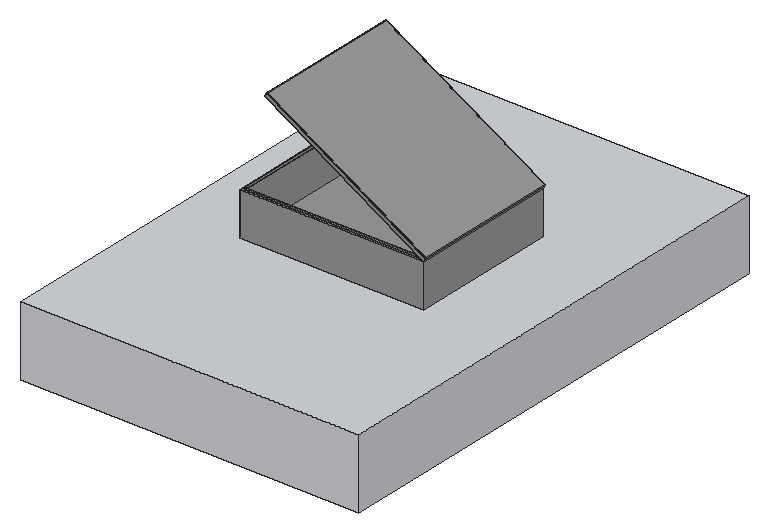
Revit family "Hager-Univers-IP44-D205-H650-Cl.II-Encl-SE-en", category Equipement électrique, Revit 2020
Family settings
  Hôte = Face
  Configuration du panneau = Deux colonnes, circuits au sein
  Cote de connecteur circulaire = Utiliser le diamètre
  Type d'élément = Tableau de raccordement
  Couper avec des vides une fois chargée = Non
  Partagée = Non
  Point de calcul de pièce = Non
Parameters (values of type "Surface mounted (plaster) IP44 W800 H650 D205  - FP43SN2")
  Width Control [instance] = if([EF000008 - Width] > Min Width, [EF000008 - Width], Min Width)  # 800 mm
  Commentaires du type = [HG000003 - Range]  # "Univers"
  Thickness Door [instance] = if([EF009171 - Material plate thickness door/cover] > 3 mm, 3 mm, [EF009171 - Material plate thickness door/cover])  # 1 mm
  Seal Frame Offset [instance] = 17 mm  # constant formula
  Plinth Visibility [instance] = [HG000027 - Plinth height] > 0 mm  # no
  Model = ""
  Min Width [instance] = 100 mm  # constant formula
  Min Height [instance] = 100 mm  # constant formula
  Min Depth [instance] = (2 * [EF009170 - Material plate thickness cabinet]) + 1 mm  # 3 mm
  Internal Frame Depth [instance] = (Door System Depth * 0.5)  # 9 mm
  Height Control [instance] = if([EF000040 - Height] > Min Height, [EF000040 - Height], Min Height)  # 650 mm
  HG000027 - Plinth height = 0 mm
  HG000026 - Floor standing = no
  HG000024 - Bottom section height = 800 mm
  HG000023 - Double section enclosure = no
  HG000016 - Door 3d visibility [instance] = yes
  HG000015 - Clearance visibility [instance] = no
  HG000014 - Door on the right [instance] = yes
  HG000013 - Door on the left [instance] = not([HG000014 - Door on the right])  # no
  HG000012 - Door swing angle [instance] = 30.00°
  HG000010 - Asymmetric doors = no
  HG000009 - Double swing door = no
  HG000006 - Flush mounted = no
  HG000004 - Manufacturer reference = "FP43SN2"
  HG000003 - Range = "Univers"
  HG000002 - With door or cover = yes
  Frame Offset Bottom [instance] = 10 mm  # constant formula
  Frame Offset [instance] = 15 mm  # constant formula
  EF015940 - Cover with overpressure release = no
  EF011959 - Degree of protection (NEMA) = ""
  EF009554 - Number of openings for flange plates = 6
  EF009212 - Cover model = "EV000116 - Closed"
  EF009171 - Material plate thickness door/cover = 1 mm
  EF009170 - Material plate thickness cabinet = 1 mm
  Fabricant = "Hager"  # constant formula
  EF008873 - Nominal current (In) = 250 A
  EF007800 - Suitable for lightning protection = no
  EF006306 - With lock = no
  EF006244 - Transparent cover/door = no
  EF005474 - Degree of protection (IP) = "EV006418 - IP44"
  EF004464 - Type of door = "EV002646 - Single"
  EF004427 - Number of modules = 144
  EF004293 - Impact strength = "EV006815 - IK09"
  EF003532 - Suitable for outdoor use = no
  EF002950 - Width in number of modular spacings = 36
  EF001613 - Circuit integrity = "EV000494 - None"
  EF001596 - Material housing = "EV000179 - Steel"
  EF001131 - Internal depth = 143 mm
  EF001088 - Extension possible = yes
  EF000437 - Number of conduit inlets = 6
  EF000339 - Type of cover = "EV001012 - Cover"
  EF000266 - Number of rows = 4
  EF000218 - Built-in depth = 205 mm
  EF000118 - With mounting plate = no
  EF000116 - RAL-number = "9010"
  EF000049 - Depth = 205 mm
  EF000040 - Height = 650 mm
  EF000008 - Width = 800 mm
  EF000007 - Colour = "EV000202 - White"
  EF000003 - Mounting method = "EV000384 - Surface mounted (plaster)"
  Door System Leaf Tolerance [instance] = 1.5 mm  # constant formula
  Door System Depth [instance] = 18 mm  # constant formula
  Door Height [instance] = Height Control - [HG000027 - Plinth height]  # 650 mm
  Depth Control [instance] = if([EF000049 - Depth] > Min Depth, [EF000049 - Depth], Min Depth)  # 205 mm
  Default Elevation = 0 mm
  Connector Offset [instance] = Height Control / 2  # 325 mm
  Bottom Top Plate Trim [instance] = 1.5 mm  # constant formula
  Plinth height Ctrl [instance] = if([HG000027 - Plinth height] > 0 mm, [HG000027 - Plinth height], 12 mm)  # 12 mm
Types (5, lengths in mm): name | Width Control | HG000010 - Asymmetric doors | HG000009 - Double swing door | HG000004 - Manufacturer reference | EF009554 - Number of openings for flange plates | EF004464 - Type of door | EF004427 - Number of modules | EF002950 - Width in number of modular spacings | EF000437 - Number of conduit inlets | EF000008 - Width
  Surface mounted (plaster) IP44 W1050 H650 D205  - FP44SN2 | 1050 | no | yes | "FP44SN2" | 8 | "EV003602 - Double" | 192 | 48 | 8 | 1050
  Surface mounted (plaster) IP44 W1300 H650 D205  - FP45SN2 | 1300 | yes | yes | "FP45SN2" | 10 | "EV003602 - Double" | 240 | 60 | 10 | 1300
  Surface mounted (plaster) IP44 W300 H650 D205  - FP41SN2 | 300 | no | no | "FP41SN2" | 2 | "EV002646 - Single" | 48 | 12 | 2 | 300
  Surface mounted (plaster) IP44 W550 H650 D205  - FP42SN2 | 550 | no | no | "FP42SN2" | 4 | "EV002646 - Single" | 96 | 24 | 4 | 550
  Surface mounted (plaster) IP44 W800 H650 D205  - FP43SN2 | 800 | no | no | "FP43SN2" | 6 | "EV002646 - Single" | 144 | 36 | 6 | 800
Reference planes
  plane 1 "Center (Front/Back)": y = 0
  plane 2: z = 0
  plane 3 "Center (Left/Right)": x = 0
  plane 4: z = 205
  plane 5: y = 1
  plane 6: y = 325
  plane 7: y = 0
  plane 8: y = 650
  plane 9: z = 0
  plane 10: x = -385
  plane 11: x = 385
  plane 12: x = 384
  plane 13: x = -384
  plane 14: y = 649
  plane 15: x = -383
  plane 16: x = -400
  plane 17: x = 383
  plane 18: x = 400
  plane 19: x = 399
  plane 20: x = -399
  plane 21: y = 11
  plane 22: y = 650
  plane 23: y = 634
  plane 24: z = 187
  plane 25: z = 1
  plane 26: z = 186
  plane 27: z = 204
Forms (mm)
  Extrusion 1, solid
    sketch origin (0, 0, 0) x (1, 0, 0) y (0, 1, 0)
      loop
        line (-702.964, 1305) -> (-702.964, -811.445) -> (766.763, -811.445) -> (766.763, 1305) -> (-702.964, 1305)
    from 0 to -304.8
  Extrusion 2, solid, material "Hager_Steel_RAL7035_Light_Grey", visible <- "Plinth Visibility", detail levels medium+fine
    sketch origin (0, 0, 0) x (1, 0, 0) y (0, 1, 0)
      loop
        line (-400, 0) -> (400, 0) -> (400, 12) -> (-400, 12) -> (-400, 0)
    from 0 to 187
  Extrusion 3, solid, material "Hager_Steel_RAL7035_Light_Grey", detail levels medium+fine
    sketch origin (0, 0, 0) x (1, 0, 0) y (0, 1, 0)
      loop
        line (-400, 0) -> (400, 0) -> (400, 650) -> (-400, 650) -> (-400, 0)
    from 0 to 187
  Extrusion 4, void
    sketch origin (0, 0, 0) x (1, 0, 0) y (0, 1, 0)
      loop
        line (-399, 1) -> (399, 1) -> (399, 649) -> (-399, 649) -> (-399, 1)
    from 1 to 186
  Extrusion 5, void
    sketch origin (-381.607, -4572, 187) x (0, -1, 0) y (-1, 0, 0)
      loop
        line (-4583, 2.393) -> (-5206, 2.393) -> (-5206, -765.607) -> (-4583, -765.607) -> (-4583, 2.393)
    from 0 to 1 <- "EF009170 - Material plate thickness cabinet"
  Extrusion 6, solid, material "Hager_Steel_RAL7035_Light_Grey", detail levels fine
    sketch origin (0, 0, 187) x (1, 0, 0) y (0, 1, 0)
      loop
        line (-384, 634) -> (-384, 11) -> (384, 11) -> (384, 634) -> (-384, 634)
      loop
        line (-385, 10) -> (385, 10) -> (385, 635) -> (-385, 635) -> (-385, 10)
    from 0 to 9 <- "Internal Frame Depth"
  Extrusion 7, solid, material "Hager_Steel_RAL7035_Light_Grey", detail levels coarse
    sketch origin (0, 0, 0) x (1, 0, 0) y (0, 1, 0)
      loop
        line (-400, 0) -> (400, 0) -> (400, 650) -> (-400, 650) -> (-400, 0)
    from 0 to 205
  Sweep 8, void
    path in 3D
      loop
        line (-400, 12, 0) -> (400, 12, 0) -> (400, 12, 187) -> (-400, 12, 187) -> (-400, 12, 0)
    profile origin (-400, 12, 93.5) x (-1, 0, 0) y (0, -1, 0)
      loop
        line (0, 0) -> (0, 1.5) -> (-1.5, 1.5)
        arc (-1.5, 1.5) -> (-1.061, 0.439) -> (0, 0) r 1.5
Cuts and joins
  Extrusion 4, Extrusion 5 cuts Extrusion 3
  Sweep 8 cuts Extrusion 2
Lines and regions (mm)
  Masking region 1
    outline origin (0, 0, 0) x (1, 0, 0) y (0, 0, 1)
      loop
        line (-400, 205) -> (-400, 0) -> (400, 0) -> (400, 205) -> (-400, 205)
  Masking region 2, detail levels medium+fine
    outline origin (0, 140, 0) x (0, 1, 0) y (0, 0, 1)
      loop
        line (-140, 0) -> (510, 0) -> (510, 187) -> (-140, 187) -> (-140, 0)
  Masking region 3, not visible, detail levels medium+fine
    outline origin (0, 297.922, 0) x (0, 1, 0) y (0, 0, 1)
      loop
        line (38.578, 0) -> (78.578, 0) -> (78.578, 194)
        arc (78.578, 194) -> (75.649, 201.071) -> (68.578, 204) r 10
        line (68.578, 204) -> (38.578, 204) -> (38.578, 0)
  Masking region 4, detail levels coarse
    outline origin (0, 0, 180) x (0, 1, 0) y (0, 0, 1)
      loop
        line (0, -180) -> (650, -180) -> (650, 25) -> (0, 25) -> (0, -180)
  Masking region 5, visible <- "Plinth Visibility", detail levels medium+fine
    outline origin (0, 52.24, 12.345) x (0, 0, -1) y (0, 1, 0)
      loop
        line (10.845, -40.24) -> (-173.155, -40.24)
        arc (-173.155, -40.24) -> (-173.594, -41.301) -> (-174.655, -41.74) r 1.5
        line (-174.655, -41.74) -> (-174.655, -52.24) -> (12.345, -52.24) -> (12.345, -41.74)
        arc (12.345, -41.74) -> (11.285, -41.301) -> (10.845, -40.24) r 1.5
  Masking region 6, detail levels medium+fine
    outline origin (-381.607, -4572, 187) x (-1, 0, 0) y (0, -1, 0)
      loop
        line (18.393, -5222) -> (18.393, -4572) -> (-781.607, -4572) -> (-781.607, -5222) -> (18.393, -5222)
  Masking region 7, visible <- "Plinth Visibility", detail levels medium+fine
    outline origin (-381.607, -4727, 187) x (-1, 0, 0) y (0, -1, 0)
      loop
        arc (16.893, -4739) -> (17.332, -4737.939) -> (18.393, -4737.5) r 1.5
        line (18.393, -4737.5) -> (18.393, -4727) -> (-781.607, -4727) -> (-781.607, -4737.5)
        arc (-781.607, -4737.5) -> (-780.546, -4737.939) -> (-780.107, -4739) r 1.5
        line (-780.107, -4739) -> (16.893, -4739)
  Masking region 8, detail levels coarse
    outline origin (-442.548, -4669.526, 187) x (-1, 0, 0) y (0, -1, 0)
      loop
        line (-42.548, -5319.526) -> (-42.548, -4669.526) -> (-842.548, -4669.526) -> (-842.548, -5319.526) -> (-42.548, -5319.526)
  sketch lines
    curve 1: line (-400, 12, 187) -> (-400, 12, 0)
    curve 2: line (400, 12, 187) -> (-400, 12, 187)
    curve 3: line (400, 12, 187) -> (400, 12, 0)
    curve 4: line (-400, 12, 0) -> (400, 12, 0)
Dimensions and locks
  "Depth Control": plane 4 to Extrusion 1
  "HG000027 - Plinth height": plane 1 "Center (Front/Back)" to plane 7
  "EF009170 - Material plate thickness cabinet": plane 5 to plane 7
  locked: connector elem to plane 3 "Center (Left/Right)"
  equal spacing: plane 8, plane 6, plane 7
  locked: connector elem to plane 6
  "EF009170 - Material plate thickness cabinet": plane 8 to plane 14
  "EF009170 - Material plate thickness cabinet": plane 10 to plane 13
  "EF009170 - Material plate thickness cabinet": plane 12 to plane 11
  "Frame Offset": plane 20 to plane 13
  "Frame Offset": plane 12 to plane 19
  "EF009170 - Material plate thickness cabinet": plane 16 to plane 20
  "EF009170 - Material plate thickness cabinet": plane 19 to plane 18
  "Seal Frame Offset": plane 16 to plane 15
  "Seal Frame Offset": plane 17 to plane 18
  "Frame Offset Bottom": plane 21 to plane 5
  "Frame Offset": plane 14 to plane 23
  equal spacing: plane 16, plane 3 "Center (Left/Right)", plane 18
  "Width Control": plane 16 to plane 18
  "EF009170 - Material plate thickness cabinet": plane 4 to plane 27
  "EF009170 - Material plate thickness cabinet": plane 24 to plane 26
  "EF009170 - Material plate thickness cabinet": plane 25 to level
  "Door System Depth": plane 4 to plane 24
  "Height Control": plane 1 "Center (Front/Back)" to Extrusion 7 sketch curve
  "Height Control": Masking region 4 sketch curve to plane 1 "Center (Front/Back)"
  "Height Control": plane 1 "Center (Front/Back)" to plane 22
  "Bottom Top Plate Trim": profile plane to Sweep 8 sketch curve
  "Bottom Top Plate Trim": Sweep 8 sketch curve to profile plane
  "Plinth height Ctrl": plane 1 "Center (Front/Back)" to Extrusion 2 sketch curve
  "Plinth height Ctrl": Masking region 5 sketch curve to plane 1 "Center (Front/Back)"
  "Plinth height Ctrl": plane 1 "Center (Front/Back)" to Masking region 7 sketch curve
  "Thickness Door": Extrusion 6 sketch curve to Extrusion 6 sketch curve  (x3)
  "Thickness Door": cut or joined group of Extrusion 3, Extrusion 4, Extrusion 5 to Extrusion 6 sketch curve
  radius of Masking region 3 sketch curve = 10 mm
  "Bottom Top Plate Trim": radius of Masking region 5 sketch curve  (x2)
  "Bottom Top Plate Trim": radius of Sweep 8 sketch curve
  "Bottom Top Plate Trim": radius of Masking region 7 sketch curve  (x2)
  aligned and locked: plane 2 to Extrusion 1
  aligned and locked: level to Extrusion 1
  aligned and locked: level to Masking region 1 sketch curve
  aligned and locked: Masking region 1 sketch curve to plane 18
  aligned and locked: Masking region 1 sketch curve to plane 16
  aligned and locked: plane 7 to Masking region 2 sketch curve
  aligned and locked: level to Masking region 3 sketch curve
  aligned and locked: Masking region 3 sketch curve to plane 27
  aligned and locked: level to Masking region 2 sketch curve
  aligned and locked: plane 1 "Center (Front/Back)" to Extrusion 2 sketch curve
  aligned and locked: Extrusion 3 sketch curve to plane 7
  aligned and locked: plane 16 to Extrusion 3 sketch curve
  aligned and locked: plane 18 to Extrusion 3 sketch curve
  aligned and locked: plane 20 to Extrusion 4 sketch curve
  aligned and locked: plane 19 to Extrusion 4 sketch curve
  aligned and locked: Extrusion 4 sketch curve to plane 5
  aligned and locked: Extrusion 4 to plane 25
  aligned and locked: plane 26 to Extrusion 4
  aligned and locked: plane 24 to Extrusion 3
  aligned and locked: Extrusion 5 sketch curve to plane 21
  aligned and locked: Extrusion 5 sketch curve to plane 13
  aligned and locked: Extrusion 5 sketch curve to plane 12
  aligned and locked: plane 18 to Extrusion 7 sketch curve
  aligned and locked: plane 1 "Center (Front/Back)" to Extrusion 7 sketch curve
  aligned and locked: plane 16 to Extrusion 7 sketch curve
  aligned and locked: plane 4 to Extrusion 7
  aligned and locked: Extrusion 7 to level
  aligned and locked: level to Masking region 4 sketch curve
  aligned and locked: Masking region 4 sketch curve to plane 1 "Center (Front/Back)"
  aligned and locked: Masking region 4 sketch curve to plane 4
  aligned and locked: nested 1 to level
  aligned and locked: nested 1 to plane 16
  aligned and locked: plane 8 to Extrusion 3 sketch curve
  aligned and locked: plane 23 to Extrusion 5 sketch curve
  aligned and locked: plane 14 to Extrusion 4 sketch curve
  aligned and locked: Masking region 2 sketch curve to plane 8
  aligned and locked: level to Masking region 5 sketch curve
  aligned and locked: plane 16 to Extrusion 2 sketch curve
  aligned and locked: plane 18 to Extrusion 2 sketch curve
  aligned and locked: Masking region 5 sketch curve to plane 24
  aligned and locked: Masking region 2 sketch curve to plane 24
  aligned and locked: plane 24 to Extrusion 2
  aligned and locked: profile plane to Sweep 8 sketch curve  (x2)
  aligned and locked: Masking region 6 sketch curve to plane 18
  aligned and locked: Masking region 6 sketch curve to plane 22
  aligned and locked: Masking region 6 sketch curve to plane 16
  aligned and locked: plane 8 to plane 22
  aligned and locked: Masking region 6 sketch curve to plane 7
  aligned and locked: Masking region 7 sketch curve to plane 16
  aligned and locked: Masking region 7 sketch curve to plane 1 "Center (Front/Back)"
  aligned and locked: Masking region 7 sketch curve to plane 18
  aligned and locked: Masking region 8 sketch curve to plane 1 "Center (Front/Back)"
  aligned and locked: Masking region 8 sketch curve to plane 18
  aligned and locked: Masking region 8 sketch curve to plane 22
  aligned and locked: Masking region 8 sketch curve to plane 16
  aligned and locked: nested 2 to plane 7
  aligned and locked: plane 3 "Center (Left/Right)" to nested 2
  aligned and locked: nested 2 to plane 24
  aligned and locked: Extrusion 6 sketch curve to cut or joined group of Extrusion 3, Extrusion 4, Extrusion 5  (x4)
Automatic sketch dimensions
  Extrusion 1 sketch curve to Extrusion 1 sketch curve = 1469.727 mm
  Extrusion 1 sketch curve to Extrusion 1 sketch curve = 2116.445 mm
  Masking region 1 sketch curve to plane 4 = 0 mm
  plane 6 to Masking region 3 sketch curve = 11.5 mm
  Masking region 3 sketch curve to Masking region 3 sketch curve = 30 mm
  Masking region 5 sketch curve to plane 1 "Center (Front/Back)" = 0 mm
Nested families
  nested 1: "Hager_Enclosure_Symbol" at (-400, 0, 0) x (1, 0, 0) z (0, -1, 0), Height <- "Depth Control", Width <- "Width Control", type "Hager_Enclosure_Symbol"
    with Width_Ctrl 800 mm, Width 800 mm, Height_Ctrl 205 mm, Height 205 mm, A_Width_Int 13.453 mm, A_Width 161.438 mm, A_Height_Ctrl 179.375 mm, A_Height 179.375 mm
  nested 2: "EC000058_Univers_Door" at (0, 0, 187) x (1, 0, 0) z (0, 1, 0), Leaf_Tolerance <- "Door System Leaf Tolerance", Angle <- "HG000012 - Door swing angle", Door_Depth <- "Door System Depth", Door_Left <- "HG000013 - Door on the left", Transparent <- "EF006244 - Transparent cover/door", Assymetrical <- "HG000010 - Asymmetric doors", Width <- "Width Control", Clearance <- "HG000015 - Clearance visibility", Double <- "HG000009 - Double swing door", 3d_Door <- "HG000016 - Door 3d visibility", Lock_Visibility <- "EF006306 - With lock", Width_Ctrl <- "Width Control", Door_Right <- "HG000014 - Door on the right", Door <- "HG000002 - With door or cover", Height <- "Door Height", Thickness <- "Thickness Door", type "EC000058_Univers_Door", detail levels medium+fine
    with min_wh 3 mm, Width_Ctrl 800 mm, Width 800 mm, Transparent no, Thickness 1 mm, Seal_Material Hager_Rubber, Lock_Visibility no, Lock_Material Hager_Plastic_RAL9005_Jet_Black, Leaf_Width 800 mm, Leaf_Tolerance_External_Sides 0 mm, Leaf_Tolerance 1.5 mm, Leaf_Offset 0 mm, Leaf_Height 647 mm, Leaf_2_Width 800 mm, Leaf_2_Offset 400 mm, Leaf_1_Width 800 mm, Leaf_1_Offset 400 mm, Height_Ctrl 650 mm, Height 650 mm, Glass_Material Hager_Glass, Double_Clearance_Ctrl no, Double no, Door_Right_Ctrl yes, Door_Right yes, Door_Material Hager_Steel_RAL7035_Light_Grey, Door_Left_Ctrl no, Door_Left no, Door_Depth 18 mm, Door yes, Clearance_Material Hager_Clearance, Clearance_Depth 800 mm, Clearance_Ctrl no, Clearance no, Assymetrical no, Angle 30.00°, 3d_Door yes
Connectors
  electrical at (0, 325, 0)
    settings: on plane 9, index 1, voltage 0 V, apparent load 0 VA, apparent load phase1 0 VA, apparent load phase2 0 VA, apparent load phase3 0 VA, power factor 1, load classification "Other", number of poles 1, system type 30, power factor state 1, is connector primary yes, connector utility no, sub classification motor no, connector description ""
Definition of nested family "EC000058_Univers_Door"
  Parameters (values of type "EC000058_Univers_Door")
    min_wh [instance] = (2 * Thickness) + 1 mm  # 11 mm
    Width_Ctrl [instance] = 400 mm
    Width [instance] = 500 mm
    Transparent [instance] = yes
    Thickness [instance] = 5 mm
    Seal_Material [instance] = none
    Lock_Visibility [instance] = yes
    Lock_Material [instance] = none
    Leaf_Width [instance] = if((Width_Ctrl - 2 * Leaf_Tolerance_External_Sides) > 0 mm, (Width_Ctrl - 2 * Leaf_Tolerance_External_Sides), min_wh)  # 400 mm
    Leaf_Tolerance_External_Sides [instance] = 0 mm  # constant formula
    Leaf_Tolerance [instance] = 1.5 mm
    Leaf_Offset [instance] = 0 mm  # constant formula
    Leaf_Height [instance] = if((Height_Ctrl - 2 * Leaf_Tolerance) > 0 mm, (Height_Ctrl - 2 * Leaf_Tolerance), min_wh)  # 497 mm
    Leaf_2_Width [instance] = if(and(and(Double, Assymetrical), Door_Left), (Leaf_Width / 3) - (Leaf_Tolerance / 2), if(and(and(Double, Assymetrical), Door_Right), (Leaf_Width / 3) * 2 - (Leaf_Tolerance / 2), if(and(Double, not(Assymetrical)), (Leaf_Width / 2) - Leaf_Tolerance, Leaf_Width)))  # 400 mm
    Leaf_2_Offset [instance] = if(and(Double, Assymetrical), Leaf_2_Width / 2, if(and(Double, not(Assymetrical)), Leaf_Width / 4, Leaf_Width / 2))  # 200 mm
    Leaf_1_Width [instance] = if(and(and(Double, Assymetrical), Door_Right), (Leaf_Width / 3) - (Leaf_Tolerance / 2), if(and(and(Double, Assymetrical), Door_Left), (Width / 3) * 2 - (Leaf_Tolerance / 2), if(and(Double, not(Assymetrical)), (Leaf_Width / 2) - Leaf_Tolerance, Leaf_Width)))  # 400 mm
    Leaf_1_Offset [instance] = if(and(Double, Assymetrical), Leaf_1_Width / 2, if(and(Double, not(Assymetrical)), Leaf_Width / 4, Leaf_Width / 2))  # 200 mm
    Height_Ctrl [instance] = if(Height > min_wh, Height, min_wh)  # 500 mm
    Height [instance] = 500 mm
    Glass_Material [instance] = none
    Double_Clearance_Ctrl [instance] = and(Double, Clearance)  # no
    Double [instance] = no
    Door_Right_Ctrl [instance] = and(or(Door_Right, Double), Door)  # yes
    Door_Right [instance] = yes
    Door_Material [instance] = none
    Door_Left_Ctrl [instance] = and(or(Door_Left, Double), Door)  # no
    Door_Left [instance] = no
    Door_Depth [instance] = 30 mm
    Door [instance] = yes
    Default Elevation = 1219.2 mm
    Clearance_Material [instance] = none
    Clearance_Depth [instance] = if(Leaf_1_Width > Leaf_2_Width, Leaf_1_Width, Leaf_2_Width)  # 400 mm
    Clearance_Ctrl [instance] = and(not(Double), Clearance)  # yes
    Clearance [instance] = yes
    Assymetrical [instance] = yes
    Angle [instance] = 30.00°
    3d_Door [instance] = yes
  Reference planes
    plane 1 "Center (Front/Back)": y = 0
    plane 2 "Bottom": z = 0
    plane 3 "Center (Left/Right)": x = 0
    plane 4: z = 500
    plane 5: x = -200
    plane 6: x = 200
    plane 7: z = 500
    plane 8: x = -200
    plane 9: z = 0
    plane 10: x = 200
    plane 11: y = 0
    plane 12: z = 1.5
    plane 13: x = -600
    plane 14: y = -400
    plane 15: x = 600
    plane 16: x = 0
    plane 17: x = 0
    plane 18: x = -200
    plane 19: x = 200
    plane 20: z = 498.5
  Forms (mm)
    Extrusion 1, solid, material <- "Clearance_Material", visible <- "Double_Clearance_Ctrl"
      sketch origin (1200, 0, 0) x (1, 0, 0) y (0, 0, -1)
        loop
          line (-1800, -498.5) -> (-600, -498.5) -> (-600, 0) -> (-1800, 0) -> (-1800, -498.5)
      from 0 to -400
  Dimensions and locks
    equal spacing: plane 5, plane 3 "Center (Left/Right)", plane 6
    "Width_Ctrl": plane 5 to plane 6
    "Leaf_Offset": plane 5 to plane 8
    "Leaf_Offset": plane 6 to plane 10
    "Leaf_Offset": plane 9 to level
    "Leaf_Offset": plane 4 to plane 7
    "Height_Ctrl": plane 4 to level
    "Leaf_Tolerance": plane 12 to plane 9
    locked: plane 11 to plane 1 "Center (Front/Back)"
    "Leaf_1_Offset": plane 18 to plane 16
    "Leaf_2_Offset": plane 17 to plane 19
    "Leaf_1_Width": plane 13 to plane 8
    "Leaf_2_Width": plane 10 to plane 15
    "Clearance_Depth": plane 14 to plane 1 "Center (Front/Back)"
    "Leaf_Tolerance_External_Sides": plane 8 to plane 18
    "Leaf_Tolerance_External_Sides": plane 19 to plane 10
    "Leaf_Tolerance": plane 7 to plane 20
    aligned and locked: level to plane 2 "Bottom"
    aligned and locked: nested 1 to plane 16
    aligned and locked: nested 2 to plane 17
    aligned and locked: Extrusion 1 to plane 13
    aligned and locked: plane 15 to Extrusion 1
    aligned and locked: Extrusion 1 to plane 14
    aligned and locked: plane 12 to nested 1
    aligned and locked: nested 2 to plane 12
    aligned and locked: Extrusion 1 to plane 11
    aligned and locked: plane 20 to Extrusion 1
    aligned and locked: nested 2 to plane 11
    aligned and locked: nested 1 to plane 11
  Automatic sketch dimensions
    Extrusion 1 sketch curve to level = 0 mm
    plane 5 to Extrusion 1 sketch curve = 400 mm
    plane 6 to Extrusion 1 sketch curve = 400 mm
    Extrusion 1 sketch curve to plane 4 = 1.5 mm
  Nested families
    nested 1: "EC000058_Univers_Door_Leaf" at (0, 0, 1.5), Width <- "Leaf_1_Width", visible <- "Door_Left_Ctrl", Leaf_Height <- "Leaf_Height", Angle <- "Angle", 3d_Door <- "3d_Door", Transparent <- "Transparent", Clearance Material <- "Clearance_Material", Clearance <- "Clearance_Ctrl", Door_Material <- "Door_Material", Glass_Material <- "Glass_Material", Door_Depth <- "Door_Depth", Lock_Material <- "Lock_Material", Seal_Material <- "Seal_Material", Lock_Visibility <- "Lock_Visibility", Thickness <- "Thickness", type "EC000058_Univers_Door_Leaf"
      with Width 400 mm, Transparent_Glass_Offset 30 mm, Transparent_Ctrl yes, Transparent yes, Thickness 5 mm, Standard no, Seal_Material none, Seal_D2 8 mm, Seal_D1 1 mm, Offset_Internal_Frame 10 mm, Lock_Width 20 mm, Lock_Visibility_3d yes, Lock_Visibility yes, Lock_Thickness_3 3 mm, Lock_Thickness_2 1 mm, Lock_Thickness_1 3 mm, Lock_Radius_Offset_2 16 mm, Lock_Radius_Offset_1 15 mm, Lock_Radius_2 5 mm, Lock_Radius 6 mm, Lock_Offset 5 mm, Lock_Material none, Lock_Height 80 mm, Lock_Cover_Top_Offset_2d 17 mm, Lock_Cover_Height -65 mm, Leaf_Height 497 mm, Internal_Seal_Thickness 8 mm, Internal_Seal_Depth_2 4.5 mm, Internal_Frame_Depth 25 mm, Glass_Thickness -1 mm, Glass_Offset -2 mm, Glass_Material none, Door_Material none, Door_Depth 30 mm, Clearance Material none, Clearance yes, Angle_Ctrl 30.00°, Angle 30.00°, 3d_Door yes
    nested 2: "EC000058_Univers_Door_Leaf" at (0, 0, 1.5) x (-1, 0, 0) z (0, 0, 1), Width <- "Leaf_2_Width", visible <- "Door_Right_Ctrl", Leaf_Height <- "Leaf_Height", Angle <- "Angle", 3d_Door <- "3d_Door", Transparent <- "Transparent", Clearance Material <- "Clearance_Material", Clearance <- "Clearance_Ctrl", Door_Material <- "Door_Material", Glass_Material <- "Glass_Material", Door_Depth <- "Door_Depth", Lock_Material <- "Lock_Material", Seal_Material <- "Seal_Material", Lock_Visibility <- "Lock_Visibility", Thickness <- "Thickness", type "EC000058_Univers_Door_Leaf"
      with Width 400 mm, Transparent_Glass_Offset 30 mm, Transparent_Ctrl yes, Transparent yes, Thickness 5 mm, Standard no, Seal_Material none, Seal_D2 8 mm, Seal_D1 1 mm, Offset_Internal_Frame 10 mm, Lock_Width 20 mm, Lock_Visibility_3d yes, Lock_Visibility yes, Lock_Thickness_3 3 mm, Lock_Thickness_2 1 mm, Lock_Thickness_1 3 mm, Lock_Radius_Offset_2 16 mm, Lock_Radius_Offset_1 15 mm, Lock_Radius_2 5 mm, Lock_Radius 6 mm, Lock_Offset 5 mm, Lock_Material none, Lock_Height 80 mm, Lock_Cover_Top_Offset_2d 17 mm, Lock_Cover_Height -65 mm, Leaf_Height 497 mm, Internal_Seal_Thickness 8 mm, Internal_Seal_Depth_2 4.5 mm, Internal_Frame_Depth 25 mm, Glass_Thickness -1 mm, Glass_Offset -2 mm, Glass_Material none, Door_Material none, Door_Depth 30 mm, Clearance Material none, Clearance yes, Angle_Ctrl 30.00°, Angle 30.00°, 3d_Door yes
  Definition of nested family "EC000058_Univers_Door_Leaf"
    Parameters (values of type "EC000058_Univers_Door_Leaf")
      Width [instance] = 2000 mm
      Transparent_Glass_Offset [instance] = 30 mm
      Transparent_Ctrl [instance] = and(Transparent, [3d_Door])  # yes
      Transparent [instance] = yes
      Thickness [instance] = 5 mm
      Standard [instance] = and(not(Transparent), [3d_Door])  # no
      Seal_Material [instance] = none
      Seal_D2 [instance] = 8 mm  # constant formula
      Seal_D1 [instance] = 1 mm  # constant formula
      Offset_Internal_Frame [instance] = 10 mm  # constant formula
      Lock_Width [instance] = 20 mm  # constant formula
      Lock_Visibility_3d [instance] = and(Lock_Visibility, [3d_Door])  # yes
      Lock_Visibility [instance] = yes
      Lock_Thickness_3 [instance] = 3 mm  # constant formula
      Lock_Thickness_2 [instance] = 1 mm  # constant formula
      Lock_Thickness_1 [instance] = 3 mm  # constant formula
      Lock_Radius_Offset_2 [instance] = Lock_Radius_Offset_1 + 1 mm  # 16 mm
      Lock_Radius_Offset_1 [instance] = 15 mm  # constant formula
      Lock_Radius_2 [instance] = Lock_Radius - 1 mm  # 5 mm
      Lock_Radius [instance] = 6 mm  # constant formula
      Lock_Offset [instance] = 5 mm  # constant formula
      Lock_Material [instance] = none
      Lock_Height [instance] = 80 mm  # constant formula
      Lock_Cover_Top_Offset_2d [instance] = Lock_Radius_Offset_2 + 1 mm  # 17 mm
      Lock_Cover_Height [instance] = -(Lock_Height - Lock_Radius_Offset_1)  # -65 mm
      Leaf_Height [instance] = 2720.336 mm
      Internal_Seal_Thickness [instance] = 8 mm  # constant formula
      Internal_Seal_Depth_2 [instance] = 4.5 mm  # constant formula
      Internal_Frame_Depth [instance] = if(Door_Depth - Thickness > 5 mm, Door_Depth - Thickness, 5 mm)  # 25 mm
      Glass_Thickness [instance] = if(Thickness > 15 mm, Glass_Offset + 10 mm, -1 mm)  # -1 mm
      Glass_Offset [instance] = if(Thickness > 15 mm, -(Thickness + 10 mm) / 2, -2 mm)  # -2 mm
      Glass_Material [instance] = none
      Door_Material [instance] = none
      Door_Depth [instance] = 30 mm
      Default Elevation = 0 mm
      Clearance Material [instance] = none
      Clearance [instance] = yes
      Angle_Ctrl [instance] = if(Angle > 180.00°, 180.00°, Angle)  # 90.00°
      Angle [instance] = 90.00°
      3d_Door [instance] = yes
    Reference planes
      plane 1 "Center (Front/Back)": y = 0
      plane 2: z = 0
      plane 3 "Center (Left/Right)": x = 0
      plane 4: y = 2000
      plane 5: x = -1000
      plane 6: x = 1000
      plane 7: x = -3000
      plane 8: z = 2720.336
      plane 9: z = 30
      plane 10: z = 2690.336
      plane 11: x = 970
      plane 12: x = -970
      plane 13: y = -3
      plane 14: z = 107.833
      plane 15: y = -5
      plane 16: y = -223.314
      plane 17: x = -1000
      plane 18: z = 1360.168
      plane 19: y = 30
    Forms (mm)
      Extrusion 1, solid, material <- "Clearance Material", visible <- "Clearance"
        sketch origin (0, 0, 0) x (1, 0, 0) y (0, 0, 1)
          loop
            line (-3000, 2720.336) -> (-3000, 0) -> (1000, 0) -> (1000, 2720.336) -> (-3000, 2720.336)
        from 0 to -2000
      Extrusion 2, solid, material <- "Door_Material", visible <- "Standard", detail levels medium+fine
        sketch origin (-1000, 0, 0) x (0, 1, 0) y (-1, 0, 0)
          loop
            line (0, 30) -> (0, 25) -> (2000, 25) -> (2000, 30) -> (0, 30)
        from 0 to 2720.336 <- "Leaf_Height"
      Extrusion 3, solid, material <- "Door_Material", visible <- "Transparent_Ctrl", detail levels medium+fine
        sketch origin (-1000, 0, 0) x (0, 1, 0) y (-1, 0, 0)
          loop
            line (0, 25) -> (2000, 25) -> (2000, 30) -> (0, 30) -> (0, 25)
        from 0 to 2720.336 <- "Leaf_Height"
      Extrusion 4, void
        sketch origin (-1025, 2000, 0) x (0, 1, 0) y (0, 0, -1)
          loop
            line (-30, -2690.336) -> (-30, -30) -> (-1970, -30) -> (-1970, -2690.336) -> (-30, -2690.336)
        from 0 to 5 <- "Thickness"
      Sweep 5, solid, material <- "Seal_Material", visible <- "Transparent_Ctrl", detail levels fine
        path in 3D
          loop
            line (-1025, 30, 30) -> (-1025, 30, 2690.336) -> (-1025, 1970, 2690.336) -> (-1025, 1970, 30) -> (-1025, 30, 30)
        profile origin (-1025, 1000, 30) x (1, 0, 0) y (0, 0, 1)
          loop
            line (0, 0) -> (0, -8) -> (1, -8) -> (1, 0) -> (0, 0)
      Extrusion 6, solid, material <- "Glass_Material", visible <- "Transparent_Ctrl", detail levels medium+fine
        sketch origin (-1030, 0, 0) x (0, 1, 0) y (0, 0, -1)
          loop
            line (1970, -2690.336) -> (1970, -30) -> (30, -30) -> (30, -2690.336) -> (1970, -2690.336)
        from -2 <- "Glass_Offset" to -1 <- "Glass_Thickness"
      Extrusion 7, solid, material <- "Door_Material", visible <- "3d_Door", detail levels medium+fine
        sketch origin (-1025, 2000, 0) x (0, -1, 0) y (0, 0, -1)
          loop
            line (0, -2720.336) -> (2000, -2720.336) -> (2000, 0) -> (0, 0) -> (0, -2720.336)
          loop
            line (1995, -5) -> (5, -5) -> (5, -2715.336) -> (1995, -2715.336) -> (1995, -5)
        from 0 to 25 <- "Internal_Frame_Depth"
      Sweep 8, solid, material <- "Seal_Material", visible <- "Transparent_Ctrl", detail levels fine
        path in 3D
          loop
            line (-1025, 0, 0) -> (-1025, 2000, 0) -> (-1025, 2000, 2720.336) -> (-1025, 0, 2720.336) -> (-1025, 0, 0)
        profile origin (-1025, 0, 1360.168) x (1, 0, 0) y (0, 1, 0)
          loop
            line (0, 10) -> (2.975, 10)
            arc (2.975, 10) -> (4.053, 10.447) -> (4.5, 11.525) r 1.525
            line (4.5, 11.525) -> (4.5, 16.527)
            arc (4.5, 16.527) -> (4.069, 17.569) -> (3.027, 18) r 1.473
            line (3.027, 18) -> (0, 18) -> (0, 10)
      Extrusion 9, solid, material <- "Lock_Material", visible <- "Lock_Visibility_3d", detail levels fine
        sketch origin (-1030, 0, 0) x (0, 1, 0) y (0, 0, -1)
          loop
            arc (1993.5, -1400.168) -> (1994.561, -1399.729) -> (1995, -1398.668) r 1.5
            line (1995, -1398.668) -> (1995, -1320.168) -> (1975, -1320.168) -> (1975, -1398.668)
            arc (1975, -1398.668) -> (1975.439, -1399.729) -> (1976.5, -1400.168) r 1.5
            line (1976.5, -1400.168) -> (1993.5, -1400.168)
        from 3 <- "Lock_Thickness_1" to 0
      Blend 10, solid, material <- "Lock_Material", visible <- "Lock_Visibility_3d", detail levels fine
        base sketch origin (-1033, 0, 0) x (0, 1, 0) y (0, 0, -1)
          loop
            line (1975, -1320.168) -> (1975, -1398.668)
            arc (1975, -1398.668) -> (1975.439, -1399.729) -> (1976.5, -1400.168) r 1.5
            line (1976.5, -1400.168) -> (1993.5, -1400.168)
            arc (1993.5, -1400.168) -> (1994.561, -1399.729) -> (1995, -1398.668) r 1.5
            line (1995, -1398.668) -> (1995, -1320.168) -> (1975, -1320.168)
        top sketch origin (-1033, 0, 0) x (0, 1, 0) y (0, 0, -1)
          loop
            line (1976, -1320.168) -> (1976, -1398.668)
            arc (1976, -1398.668) -> (1976.146, -1399.022) -> (1976.5, -1399.168) r 0.5
            line (1976.5, -1399.168) -> (1993.5, -1399.168)
            arc (1993.5, -1399.168) -> (1993.854, -1399.022) -> (1994, -1398.668) r 0.5
            line (1994, -1398.668) -> (1994, -1320.168) -> (1976, -1320.168)
        from 0 to 1 <- "Lock_Thickness_2"
      Blend 11, solid, material <- "Lock_Material", visible <- "Lock_Visibility_3d", detail levels fine
        base sketch origin (-1034, 0, 0) x (0, 1, 0) y (0, 0, -1)
          loop
            line (1978, -1320.168) -> (1978, -1384.168)
            arc (1978, -1384.168) -> (1985, -1391.168) -> (1992, -1384.168) r 7
            line (1992, -1384.168) -> (1992, -1320.168) -> (1978, -1320.168)
        top sketch origin (-1034, 0, 0) x (0, 1, 0) y (0, 0, -1)
          loop
            line (1991, -1320.168) -> (1979, -1320.168) -> (1979, -1383.168)
            arc (1979, -1383.168) -> (1985, -1389.168) -> (1991, -1383.168) r 6
            line (1991, -1383.168) -> (1991, -1320.168)
        from 0 to 3 <- "Lock_Thickness_3"
      Extrusion 12, solid, material <- "Lock_Material", visible <- "Lock_Visibility_3d", detail levels fine
        sketch origin (-1030, 1975, 1320.168) x (1, 0, 0) y (0, -1, 0)
          loop
            line (-7, -19) -> (-7, -1) -> (0, -1) -> (0, 0) -> (-8, 0) -> (-8, -20) -> (0, -20) -> (0, -19) -> (-7, -19)
        from 0 to -65 <- "Lock_Cover_Height"
      Extrusion 13, void
        sketch origin (-1038, 1995, 1320.168) x (-1, 0, 0) y (0, 0, -1)
          loop
            line (-5, -65) -> (0, -65) -> (-5, -60) -> (-5, -65)
        from 0 to 20 <- "Lock_Width"
      Extrusion 14, void
        sketch origin (-1038, 1975, 1320.168) x (0, -1, 0) y (0, 0, -1)
          loop
            circle (-10, -15.995) r 6
          loop
            circle (-10, -15.995) r 5
        from 0 to 2
      Extrusion 15, solid, material <- "Lock_Material", visible <- "Lock_Visibility_3d", detail levels medium
        sketch origin (-1030, 0, 0) x (0, 1, 0) y (0, 0, -1)
          loop
            arc (1993.5, -1400.168) -> (1994.561, -1399.729) -> (1995, -1398.668) r 1.5
            line (1995, -1398.668) -> (1995, -1320.168) -> (1975, -1320.168) -> (1975, -1398.668)
            arc (1975, -1398.668) -> (1975.439, -1399.729) -> (1976.5, -1400.168) r 1.5
            line (1976.5, -1400.168) -> (1993.5, -1400.168)
        from 8 to 0
    Cuts and joins
      Extrusion 4 cuts Extrusion 3
      Extrusion 13, Extrusion 14 cuts Extrusion 9
      Extrusion 14 cuts Blend 11
      Extrusion 13, Extrusion 14 cuts Extrusion 12
      joined: Extrusion 9, Blend 10, Blend 11, Extrusion 12
      Extrusion 14 cuts Extrusion 15
    Lines and regions (mm)
      Masking region 1, visible <- "Lock_Visibility", detail levels fine
        outline origin (0, 0, 0) x (0, 1, 0) y (0, 0, 1)
          loop
            line (30, 1320.168) -> (33, 1320.168) -> (33, 1400.168) -> (30, 1400.168) -> (30, 1320.168)
      Masking region 2, visible <- "Lock_Visibility", detail levels fine
        outline origin (0, 3.143, 0) x (0, 1, 0) y (0, 0, 1)
          loop
            line (29.857, 1354.168) -> (30.857, 1354.168) -> (30.857, 1366.168) -> (29.857, 1366.168) -> (29.857, 1354.168)
      Masking region 3, detail levels medium+fine
        outline origin (0, 0, 0) x (0, 1, 0) y (0, 0, 1)
          loop
            line (0, 0) -> (30, 0) -> (30, 2720.336) -> (0, 2720.336) -> (0, 0)
      Masking region 4, detail levels medium+fine
        outline origin (0, 0, 0) x (1, 0, 0) y (0, 0, 1)
          loop
            line (-1000, 2720.336) -> (-1000, 0) -> (1000, 0) -> (1000, 2720.336) -> (-1000, 2720.336)
      Masking region 5, visible <- "Lock_Visibility", detail levels fine
        outline origin (-47.116, 0, 0) x (1, 0, 0) y (0, 0, 1)
          loop
            arc (1024.616, 1399.168) -> (1023.556, 1398.729) -> (1023.116, 1397.668) r 1.5
            line (1023.116, 1397.668) -> (1023.116, 1320.168) -> (1041.116, 1320.168) -> (1041.116, 1397.668)
            arc (1041.116, 1397.668) -> (1040.677, 1398.729) -> (1039.616, 1399.168) r 1.5
            line (1039.616, 1399.168) -> (1024.616, 1399.168)
      Masking region 6, visible <- "Lock_Visibility", detail levels medium+fine
        outline origin (-25, 0, 0) x (1, 0, 0) y (0, 0, 1)
          loop
            arc (1001.5, 1400.168) -> (1000.439, 1399.729) -> (1000, 1398.668) r 1.5
            line (1000, 1398.668) -> (1000, 1320.168) -> (1020, 1320.168) -> (1020, 1398.668)
            arc (1020, 1398.668) -> (1019.561, 1399.729) -> (1018.5, 1400.168) r 1.5
            line (1018.5, 1400.168) -> (1001.5, 1400.168)
      Masking region 7, visible <- "Lock_Visibility", detail levels fine
        outline origin (-73.735, 0, 0) x (1, 0, 0) y (0, 0, 1)
          loop
            line (1051.735, 1382.168) -> (1065.735, 1382.168) -> (1065.735, 1384.168)
            arc (1065.735, 1384.168) -> (1058.735, 1391.168) -> (1051.735, 1384.168) r 7
            line (1051.735, 1384.168) -> (1051.735, 1382.168)
      Masking region 8, visible <- "Lock_Visibility", detail levels fine
        outline origin (-73.735, 0, 0) x (1, 0, 0) y (0, 0, 1)
          loop
            line (1052.735, 1382.168) -> (1064.735, 1382.168) -> (1064.735, 1383.168)
            arc (1064.735, 1383.168) -> (1058.735, 1389.168) -> (1052.735, 1383.168) r 6
            line (1052.735, 1383.168) -> (1052.735, 1382.168)
      Masking region 9, visible <- "Lock_Visibility", detail levels fine
        outline origin (-25, 0, 0) x (1, 0, 0) y (0, 0, 1)
          loop
            line (1020, 1320.168) -> (1020, 1382.168) -> (1000, 1382.168) -> (1000, 1320.168) -> (1020, 1320.168)
      Masking region 10, detail levels medium+fine
        outline origin (0, 0, 0) x (1, 0, 0) y (0, 0, 1)
          loop
            circle (985, 1335.144) r 6
      Masking region 11, detail levels fine
        outline origin (0, 0, 0) x (1, 0, 0) y (0, 0, 1)
          loop
            circle (985, 1335.144) r 5
      Masking region 12, visible <- "Lock_Visibility", detail levels fine
        outline origin (0, 12.767, 0) x (0, 1, 0) y (0, 0, 1)
          loop
            line (20.233, 1320.168) -> (21.233, 1320.168) -> (21.233, 1399.168) -> (20.233, 1400.168) -> (20.233, 1320.168)
      Masking region 13, visible <- "Lock_Visibility", detail levels fine
        outline origin (0, 13.767, -10) x (0, 1, 0) y (0, 0, 1)
          loop
            line (20.233, 1330.168) -> (23.233, 1330.168) -> (23.233, 1399.168) -> (20.233, 1402.168) -> (20.233, 1330.168)
      Masking region 14, visible <- "Lock_Visibility", detail levels fine
        outline origin (0, 12.767, -10) x (0, 1, 0) y (0, 0, 1)
          loop
            line (20.233, 1330.168) -> (25.233, 1330.168) -> (25.233, 1399.305) -> (20.233, 1394.305) -> (20.233, 1330.168)
      Masking region 15, visible <- "Lock_Visibility", detail levels medium
        outline origin (0, 0, 0) x (0, 1, 0) y (0, 0, 1)
          loop
            line (30, 1320.168) -> (38, 1320.168) -> (38, 1400.168) -> (30, 1400.168) -> (30, 1320.168)
      Masking region 16, visible <- "Lock_Visibility", detail levels fine
        outline origin (-1000, 0, 0) x (0, 1, 0) y (-1, 0, 0)
          loop
            line (1975, 30) -> (1995, 30) -> (1995, 38) -> (1975, 38) -> (1975, 30)
          loop
            line (1979, 37) -> (1976, 37) -> (1976, 34) -> (1978, 34) -> (1979, 37)
          loop
            line (1994, 37) -> (1991, 37) -> (1992, 34) -> (1994, 34) -> (1994, 37)
      Masking region 17, visible <- "Lock_Visibility", detail levels medium
        outline origin (-1000, 0, 0) x (0, 1, 0) y (-1, 0, 0)
          loop
            line (1975, 30) -> (1995, 30) -> (1995, 38) -> (1975, 38) -> (1975, 30)
      symbolic lines
        curve 1: line (1000, 0, 0) -> (-3000, 0, 0)
        curve 2: arc (1000, 0, 0) -> (-1000, 2000, 0) -> (-3000, 0, 0) r 2000
        curve 4: line (-1030, 0, 0) -> (-1030, 2000, 0)
      reference lines
        curve 3: line (-1000, 0, 0) -> (-1000, 2000, 0)
      symbolic lines, detail levels medium+fine
        curve 5: line (-1030, 2000, 0) -> (-1025, 2000, 0)
        curve 7: line (-1025, 0, 0) -> (-1030, 0, 0)
        curve 8: line (-1025, 0, 0) -> (-1000, 0, 0)
        curve 9: line (-1000, 0, 0) -> (-1000, 2000, 0)
        curve 10: line (-1000, 2000, 0) -> (-1025, 2000, 0)
      symbolic lines, detail levels fine
        curve 6: line (-1025, 2000, 0) -> (-1025, 0, 0)
      sketch lines
        curve 11: line (-1025, 0, 2720.336) -> (-1025, 0, 0)
        curve 12: line (-1025, 2000, 0) -> (-1025, 0, 0)
        curve 13: line (-1025, 2000, 2720.336) -> (-1025, 2000, 0)
        curve 14: line (-1025, 0, 2720.336) -> (-1025, 2000, 2720.336)
        curve 15: line (-1025, 1970, 30) -> (-1025, 30, 30)
        curve 16: line (-1025, 30, 30) -> (-1025, 30, 2690.336)
        curve 17: line (-1025, 1970, 2690.336) -> (-1025, 1970, 30)
        curve 18: line (-1025, 30, 2690.336) -> (-1025, 1970, 2690.336)
      symbolic lines, visible <- "Transparent", detail levels medium+fine
        curve 19: line (-970, 0, 2690.336) -> (970, 0, 2690.336)
        curve 20: line (-970, 0, 30) -> (-970, 0, 2690.336)
        curve 21: line (970, 0, 30) -> (-970, 0, 30)
        curve 22: line (970, 0, 2690.336) -> (970, 0, 30)
    Dimensions and locks
      "Width": plane 1 "Center (Front/Back)" to plane 4
      equal spacing: plane 5, plane 3 "Center (Left/Right)", plane 6
      "Width": plane 5 to plane 6
      "Width": plane 7 to plane 5
      "Leaf_Height": plane 8 to level
      "Width": curve 5 to curve 3
      "Width": curve 3 to curve 3
      plane 8 to plane 10 = 30 mm
      plane 9 to level = 30 mm
      plane 12 to plane 5 = 30 mm
      plane 6 to plane 11 = 30 mm
      Extrusion 1 to Extrusion 4 sketch curve = 30 mm
      "Transparent_Glass_Offset": curve 3 to Extrusion 4 sketch curve
      "Transparent_Glass_Offset": Extrusion 4 sketch curve to cut or joined group of Extrusion 3, Extrusion 4  (x2)
      cut or joined group of Extrusion 3, Extrusion 4 to Extrusion 6 sketch curve = 30 mm
      "Transparent_Glass_Offset": cut or joined group of Extrusion 3, Extrusion 4 to Extrusion 4 sketch curve
      "Thickness": curve 6 to curve 4
      "Thickness": Extrusion 7 sketch curve to Extrusion 7 sketch curve  (x4)
      "Door_Depth": curve 4 to curve 3
      "Offset_Internal_Frame": profile plane to Sweep 8 sketch curve
      "Internal_Seal_Thickness": Sweep 8 sketch curve to Sweep 8 sketch curve
      "Internal_Seal_Depth_2": profile plane to Sweep 8 sketch curve
      "Seal_D1": profile plane to Sweep 5 sketch curve
      "Seal_D2": profile plane to Sweep 5 sketch curve
      "Thickness": Extrusion 2 sketch curve to Extrusion 2 sketch curve
      equal spacing: Extrusion 9 sketch curve, plane 18, Extrusion 9 sketch curve  (x2)
      equal spacing: Masking region 1 sketch curve, plane 18, Masking region 1 sketch curve
      "Lock_Height": Masking region 1 sketch curve to Masking region 1 sketch curve
      "Lock_Radius": Masking region 2 sketch curve to plane 18 to Masking region 2 sketch curve
      Masking region 2 sketch curve to Masking region 1 = 1 mm
      "Door_Depth": plane 19 to plane 1 "Center (Front/Back)"
      "Lock_Thickness_1": Masking region 1 sketch curve to plane 19
      "Lock_Width": Extrusion 9 sketch curve to Extrusion 9 sketch curve
      "Lock_Height": Extrusion 9 sketch curve to Extrusion 9 sketch curve
      "Lock_Offset": cut or joined group of Extrusion 3, Extrusion 4 to Extrusion 9 sketch curve
      equal spacing: plane 8, plane 18, level
      "Lock_Radius_Offset_1": Blend 11 sketch curve to Blend 10
      locked: Blend 10 to Blend 11 sketch curve at 2  (x2)
      locked: var sketch to Blend 11 sketch curve at 1  (x2)
      "Lock_Radius_Offset_2": Blend 11 sketch curve to Blend 10
      locked: Extrusion 12 sketch curve to Extrusion 12 sketch curve at 1  (x3)
      Masking region 6 sketch curve to Masking region 6 sketch curve = 80 mm
      "Lock_Height": Masking region 6 sketch curve to Masking region 6 sketch curve
      "Lock_Width": Masking region 6 sketch curve to Masking region 6 sketch curve
      locked: Masking region 6 to Masking region 5 sketch curve at 1  (x3)
      locked: Masking region 5 to Masking region 7 sketch curve at 2  (x2)
      "Lock_Radius_Offset_1": Masking region 5 to Masking region 7 sketch curve
      "Lock_Radius_Offset_2": Masking region 5 to Masking region 8 sketch curve
      locked: Masking region 7 to Masking region 8 sketch curve at 1  (x2)
      "Lock_Cover_Top_Offset_2d": Masking region 5 to Masking region 9 sketch curve
      equal spacing: Masking region 9, Masking region 10 sketch curve, Masking region 9
      equal spacing: Masking region 9, Masking region 11 sketch curve, Masking region 9
      Extrusion 15 sketch curve to Extrusion 15 sketch curve = 80 mm
      "Lock_Width": Extrusion 15 sketch curve to Extrusion 15 sketch curve
      "Lock_Height": Extrusion 15 sketch curve to Extrusion 15 sketch curve
      equal spacing: Extrusion 15 sketch curve, plane 18, Extrusion 15 sketch curve
      "Lock_Thickness_3": Masking region 13 sketch curve to Masking region 13 sketch curve
      "Lock_Height": Masking region 12 sketch curve to Masking region 12 sketch curve
      locked: Masking region 13 sketch curve to Masking region 1 at 8
      locked: Masking region 14 sketch curve to Masking region 13 at 1
      locked: Masking region 14 sketch curve to Masking region 1 at 10.863
      "Lock_Height": Masking region 15 sketch curve to Masking region 15 sketch curve
      "Lock_Offset": Extrusion 15 sketch curve to cut or joined group of Extrusion 3, Extrusion 4
      "Lock_Offset": plane 6 to Masking region 6 sketch curve
      radius of Sweep 8 sketch curve = 1.525 mm
      radius of Sweep 8 sketch curve = 1.473 mm
      radius of Extrusion 9 sketch curve = 1.5 mm  (x2)
      "Lock_Radius": radius of Extrusion 14 sketch curve
      "Lock_Radius_2": radius of Extrusion 14 sketch curve
      "Lock_Radius": radius of Masking region 10 sketch curve
      "Lock_Radius_2": radius of Masking region 11 sketch curve
      radius of Extrusion 15 sketch curve = 1.5 mm  (x2)
      "Angle_Ctrl": angle plane 1 "Center (Front/Back)" to curve 3
      locked: Masking region 12 sketch curve to Masking region 12 sketch curve (angle 45.00°)
      locked: Masking region 13 sketch curve to Masking region 13 sketch curve (angle 45.00°)
      locked: Masking region 14 sketch curve to Masking region 14 sketch curve (angle 45.00°)
      aligned and locked: level to plane 2
      aligned and locked: Extrusion 1 to curve 1
      aligned and locked: plane 6 to Extrusion 1
      aligned and locked: Extrusion 1 to plane 1 "Center (Front/Back)"
      aligned and locked: plane 4 to Extrusion 1
      aligned and locked: plane 8 to Extrusion 1
      aligned and locked: curve 7 to Extrusion 2 sketch curve
      aligned and locked: curve 5 to Extrusion 2 sketch curve
      aligned and locked: curve 7 to Extrusion 3 sketch curve
      aligned and locked: Extrusion 3 sketch curve to curve 4
      aligned and locked: Extrusion 3 sketch curve to curve 6
      aligned and locked: Extrusion 3 sketch curve to curve 5
      aligned and locked: curve 9 to curve 3
      aligned and locked: Extrusion 7 sketch curve to cut or joined group of Extrusion 3, Extrusion 4  (x4)
      aligned and locked: plane 17 to curve 3
      aligned and locked: plane 1 "Center (Front/Back)" to curve 3
      aligned and locked: plane 17 to plane 5
      aligned and locked: Sweep 8 sketch curve to profile plane
      aligned and locked: Sweep 5 sketch curve to profile plane  (x2)
      aligned and locked: Masking region 1 to Masking region 2 sketch curve
      aligned and locked: plane 19 to Masking region 1 sketch curve
      aligned and locked: plane 1 "Center (Front/Back)" to Masking region 3 sketch curve
      aligned and locked: plane 19 to Masking region 3 sketch curve
      aligned and locked: level to Masking region 3 sketch curve
      aligned and locked: Masking region 3 sketch curve to plane 8
      aligned and locked: plane 17 to Masking region 4 sketch curve
      aligned and locked: level to Masking region 4 sketch curve
      aligned and locked: Masking region 4 sketch curve to plane 8
      aligned and locked: plane 12 to curve 20
      aligned and locked: plane 10 to curve 19
      aligned and locked: plane 11 to curve 22
      aligned and locked: curve 21 to plane 9
      aligned and locked: Extrusion 2 sketch curve to cut or joined group of Extrusion 3, Extrusion 4
      aligned and locked: Blend 10 sketch curve to Extrusion 9  (x4)
      aligned and locked: Extrusion 9 to Blend 10 sketch curve
      aligned and locked: Blend 10 to Blend 11 sketch curve
      aligned and locked: Extrusion 12 sketch curve to Blend 11
      aligned and locked: Extrusion 12 sketch curve to Extrusion 9  (x4)
      aligned and locked: Masking region 5 sketch curve to Masking region 6
      aligned and locked: Masking region 9 sketch curve to Masking region 6  (x3)
      aligned and locked: Masking region 12 sketch curve to Masking region 1
      aligned and locked: Masking region 13 sketch curve to Masking region 1
      aligned and locked: Masking region 12 to Masking region 14
      aligned and locked: Masking region 14 sketch curve to Masking region 1
      aligned and locked: Masking region 15 sketch curve to Masking region 14
      aligned and locked: Masking region 13 sketch curve to Masking region 12
      aligned and locked: Masking region 16 sketch curve to cut or joined group of Extrusion 14, Extrusion 15  (x4)
      aligned and locked: Masking region 16 sketch curve to cut or joined group of Extrusion 9, Blend 10, Blend 11, Extrusion 12, Extrusion 13, Extrusion 14  (x6)
      aligned and locked: cut or joined group of Extrusion 9, Blend 10, Blend 11, Extrusion 12, Extrusion 13, Extrusion 14 to Masking region 16 sketch curve
      aligned and locked: Masking region 17 sketch curve to cut or joined group of Extrusion 14, Extrusion 15  (x3)
      aligned and locked: Masking region 17 sketch curve to cut or joined group of Extrusion 9, Blend 10, Blend 11, Extrusion 12, Extrusion 13, Extrusion 14
      aligned and locked: Masking region 9 to Masking region 8 sketch curve
      aligned and locked: Masking region 9 to Masking region 7 sketch curve
    Automatic sketch dimensions
      plane 1 "Center (Front/Back)" to curve 2 = 0 mm
      curve 2 to plane 5 = 0 mm
      Extrusion 1 sketch curve to level = 0 mm
      Extrusion 1 sketch curve to plane 7 = 0 mm
      Extrusion 1 sketch curve to plane 6 = 0 mm
      Extrusion 1 sketch curve to plane 8 = 0 mm
      Extrusion 3 to Extrusion 6 sketch curve = 30 mm  (x4)
      Masking region 4 sketch curve to plane 6 = 0 mm
      Blend 10 sketch curve to Extrusion 9 = 1.5 mm
      Blend 10 sketch curve to Extrusion 9 = 1 mm
      Extrusion 13 sketch curve to Extrusion 12 = 0 mm  (x2)
      Extrusion 12 to Extrusion 13 sketch curve = 3 mm
      Extrusion 13 sketch curve to Extrusion 12 = 5 mm
      Extrusion 14 sketch curve to Extrusion 14 sketch curve = 0 mm  (x2)
      Extrusion 14 sketch curve to Extrusion 12 = 10 mm
      Extrusion 14 sketch curve to Extrusion 12 = 15.995 mm
      Masking region 5 sketch curve to Masking region 5 sketch curve = 1.5 mm  (x2)
      Masking region 10 sketch curve to plane 18 = 25.024 mm
      Masking region 11 sketch curve to plane 18 = 25.024 mm
      plane 19 to Masking region 14 sketch curve = 3 mm
      Masking region 16 sketch curve to Masking region 16 sketch curve = 3 mm
      curve 4 to curve 3 = 0 mm
      Blend 10 to Blend 11 sketch curve = 0 mm
      Masking region 6 sketch curve to Masking region 6 sketch curve = 1.5 mm  (x2)
      Masking region 6 sketch curve to plane 18 = 40 mm
      plane 19 to Masking region 12 sketch curve = 3 mm
      Masking region 12 sketch curve to Masking region 12 sketch curve = 1 mm
      Masking region 15 sketch curve to plane 19 = 0 mm
      Masking region 15 sketch curve to plane 18 = 40 mm
      radius of Blend 10 sketch curve to Extrusion 9 = 1 mm
Definition of nested family "Hager_Enclosure_Symbol"
  Parameters (values of type "Hager_Enclosure_Symbol")
    Width_Ctrl [instance] = if(Width > 1 mm, Width, 1 mm)  # 102.27 mm
    Width [instance] = 102.27 mm
    Height_Ctrl [instance] = if(Height > 1 mm, Height, 1 mm)  # 66.5 mm
    A_Width_Int [instance] = if(A_Width / 12 > 2 mm, A_Width / 12, 2 mm)  # 4.364 mm
    A_Width [instance] = if(A_Height_Ctrl * 0.9 > 2 mm, A_Height_Ctrl * 0.9, 2 mm)  # 52.369 mm
    A_Height_Ctrl [instance] = if(A_Height > 2 mm, A_Height, 2 mm)  # 58.188 mm
    Height [instance] = 66.5 mm
    A_Height [instance] = Height - (Height / 8)  # 58.188 mm
  Reference planes
    plane 1 "Centre (avant/arrière)": y = 0
    plane 2: z = 0
    plane 3 "Centre (gauche/droite)": x = 0
    plane 4: x = 52.369
    plane 5: y = 33.042
    plane 6: y = 41.77
    plane 7: y = 66.5
    plane 8: x = 26.184
    plane 9: y = 37.406
    plane 10: x = 102.27
    plane 11: y = 66.5
    plane 12: y = 8.313
  Lines and regions (mm)
    Filled region 1, type "Solid_Black", in view "Niveau de réf."
      outline origin (0, 0, 0) x (1, 0, 0) y (0, 1, 0)
        loop
          line (52.369, 66.5) -> (33.188, 54.536) -> (45.365, 45.006) -> (52.369, 66.5)
    Filled region 2, type "Solid_Black", in view "Niveau de réf."
      outline origin (0, 0, 0) x (1, 0, 0) y (0, 1, 0)
        loop
          line (0, 0) -> (102.27, 0) -> (102.27, 66.5) -> (0, 0)
    detail lines, in view "Niveau de réf."
      curve 1: line (0, 8.313, 0) -> (26.184, 41.77, 0)
      curve 2: line (26.184, 41.77, 0) -> (26.184, 33.042, 0)
      curve 3: line (26.184, 33.042, 0) -> (52.369, 66.5, 0)
  Dimensions and locks
    "A_Width": plane 3 "Centre (gauche/droite)" to plane 4
    equal spacing: plane 3 "Centre (gauche/droite)", plane 8, plane 4
    equal spacing: plane 6, plane 9, plane 5
    equal spacing: curve 3, Filled region 1 sketch curve, Filled region 1 sketch curve
    "Height_Ctrl": plane 1 "Centre (avant/arrière)" to plane 11
    "A_Height_Ctrl": plane 11 to plane 12
    equal spacing: plane 11, plane 9, plane 12
    "A_Width_Int": plane 6 to plane 9
    "Width_Ctrl": plane 3 "Centre (gauche/droite)" to plane 10
    angle Filled region 1 sketch curve to curve 3 = 20.00°
    angle curve 3 to Filled region 1 sketch curve = 20.00°
    locked: curve 3 to Filled region 1 sketch curve (angle 90.00°)
    aligned and locked: plane 10 to Filled region 2
    aligned and locked: plane 11 to Filled region 2 sketch curve
    aligned and locked: plane 10 to Filled region 2 sketch curve
    aligned and locked: plane 3 "Centre (gauche/droite)" to curve 1
    aligned and locked: plane 12 to curve 1
    aligned and locked: plane 7 to plane 11
  Automatic sketch dimensions
    Filled region 1 sketch curve to plane 4 = 0 mm
    Filled region 1 sketch curve to plane 7 = 0 mm
    plane 1 "Centre (avant/arrière)" to Filled region 2 sketch curve = 0 mm
    Filled region 2 sketch curve to plane 3 "Centre (gauche/droite)" = 0 mm
    curve 2 to plane 6 = 0 mm
    curve 2 to plane 8 = 0 mm
    curve 3 to plane 4 = 0 mm
    curve 2 to plane 5 = 0 mm
    curve 3 to plane 7 = 0 mm
